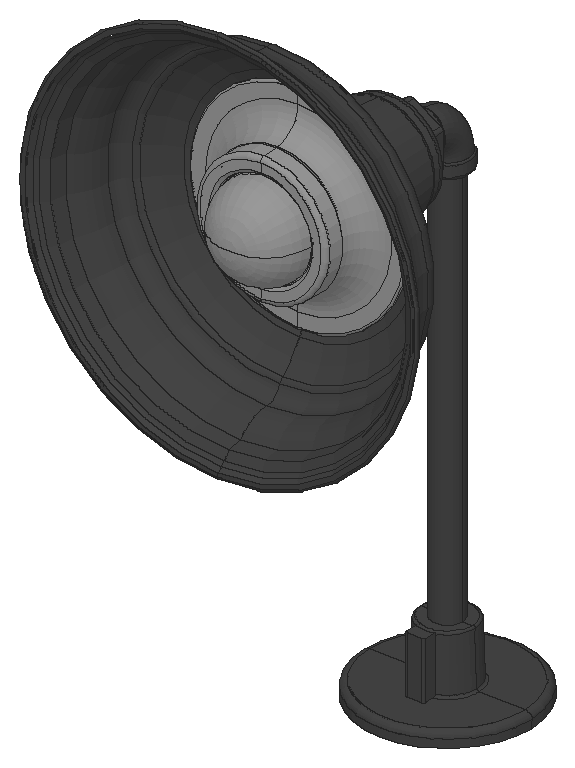
Revit family "BLE-G-WHB-G3-LED", category Lighting Fixtures, host Face, Revit 2022 (continued)
Definition of nested family "WHB Shade"
  Definition of nested family "SHD-0022"
    Automatic sketch dimensions
      Revolve 2 sketch curve to plane 24 = 0' - 0"
      Revolve 2 sketch curve to plane 17 = 0' - 0"  (x2)
      Revolve 2 sketch curve to plane 18 = 0' - 0"
      Revolve 2 sketch curve to plane 43 = 0' - 0"
      Revolve 2 sketch curve to plane 15 = 0' - 0"
      Revolve 2 sketch curve to plane 11 = 0' - 0"
      Revolve 2 sketch curve to plane 12 = 0' - 0"
      Revolve 2 sketch curve to level = 0' - 0"
      Revolve 2 sketch curve to plane 46 = 0' - 0"
      plane 47 to Revolve 2 sketch curve = 0' - 0.0179"
      plane 40 to Revolve 2 sketch curve = 0' - 0.02959"
      Revolve 2 sketch curve to plane 38 = 0' - 0.10628"
      Revolve 2 sketch curve to plane 36 = 0' - 0.02996"
      plane 36 to Revolve 2 sketch curve = 0' - 0.01329"
      Revolve 2 sketch curve to plane 35 = 0' - 0.01376"
      Revolve 2 sketch curve to Revolve 2 sketch curve = 0' - 0.03566"
      Revolve 2 sketch curve to Revolve 2 sketch curve = 0' - 1.02937"
      plane 34 to Revolve 2 sketch curve = 0' - 0.03194"
      plane 24 to Revolve 2 sketch curve = 0' - 0.02435"
      plane 21 to Revolve 2 sketch curve = 0' - 0.01402"
      Revolve 2 sketch curve to plane 22 = 0' - 0.01758"
      plane 22 to Revolve 2 sketch curve = 0' - 0.00677"
      plane 19 to Revolve 2 sketch curve = 0' - 0.01379"
      plane 25 to Revolve 2 sketch curve = 0' - 0.01516"
      Revolve 2 sketch curve to plane 16 = 0' - 0.00281"
      plane 14 to Revolve 2 sketch curve = 0' - 0.00034"
      plane 13 to Revolve 2 sketch curve = 0' - 0.00088"
      Revolve 2 sketch curve to Revolve 2 sketch curve = 0' - 0.03885"
      Revolve 2 sketch curve to plane 9 = 0' - 0.02661"
      plane 11 to Revolve 2 sketch curve = 0' - 0.00408"
      Revolve 2 sketch curve to plane 9 = 0' - 0.02415"
      plane 7 to Revolve 2 sketch curve = 0' - 0.00188"
      Revolve 2 sketch curve to plane 6 = 0' - 0.00219"
      Revolve 2 sketch curve to plane 6 = 0' - 0.00024"
      Revolve 2 sketch curve to plane 8 = 0' - 0.00431"
      plane 6 to Revolve 2 sketch curve = 0' - 0.01338"
      plane 5 to Revolve 2 sketch curve = 0' - 0.00799"
      plane 6 to Revolve 2 sketch curve = 0' - 0.03826"
      plane 4 to Revolve 2 sketch curve = 0' - 0.00196"
      level to Revolve 2 sketch curve = 0' - 0 5/128"
      plane 11 to Revolve 2 sketch curve = 0' - 0.0107"
      Revolve 2 sketch curve to plane 23 = 0' - 0.01444"
      plane 23 to Revolve 2 sketch curve = 0' - 0.03054"
      plane 33 to Revolve 2 sketch curve = 0' - 0.02427"
      Revolve 2 sketch curve to plane 35 = 0' - 0.16955"
      plane 39 to Revolve 2 sketch curve = 0' - 0.0255"
      Revolve 2 sketch curve to plane 46 = 0' - 0 5/128"
      plane 41 to Revolve 2 sketch curve = 0' - 0.11598"
      plane 11 to Revolve 2 sketch curve = 0' - 0.32444"
      plane 13 to Revolve 2 sketch curve = 0' - 0.162"
  Definition of nested family "SHD-0021"
    Parameters (values of type "SHD-0021")
      Shade Material = none
      Default Elevation = 2' - 0"
    Reference planes (in)
      plane 1 "Center (Front/Back)": y = 0
      plane 2: z = 0
      plane 3 "Center (Left/Right)": x = 0
      plane 4: x = -1.27876
      plane 5: z = 0.137
      plane 6: x = -1.44076
      plane 7: x = -1.46776
      plane 8: z = 0.294
      plane 9: x = -1.48176
      plane 10: z = 0.311
      plane 11: z = 0.395
      plane 12: x = -1.54476
      plane 13: z = 2.088
      plane 14: x = -1.72276
      plane 15: z = 2.5
      plane 16: x = -2.18076
      plane 17: z = 2.608
      plane 18: x = -2.43176
      plane 19: x = -2.82376
      plane 20: z = 2.873
      plane 21: z = 2.895
      plane 22: x = -2.87876
      plane 23: z = 2.954
      plane 24: x = -2.95276
      plane 25: z = 3.023
      plane 26: x = -3.10676
      plane 27: z = 4.006
      plane 28: x = -6.02976
      plane 29: z = 4.19
      plane 30: x = -6.22876
      plane 31: z = 4.534
      plane 32: x = -6.40776
      plane 33: z = 5.391
      plane 34: x = -6.78276
      plane 35: z = 7.548
      plane 36: x = -7.74776
      plane 37: z = 7.704
      plane 38: x = -7.94076
      plane 39: z = 7.872
      plane 40: x = -8.19776
      plane 41: z = 8.118
      plane 42: x = -8.33276
      plane 43: x = -2.27776
      plane 44: z = 3.556
      plane 45: x = -5.39176
      plane 46: z = 7.958
      plane 47: x = -8.40976
      plane 48: x = -8.44276
    Forms (in)
      Extrusion 1, solid
        sketch origin (0.09263, 0, 0.02324) x (1, 0, 0) y (0, 1, 0)
          loop
            line (-48, 48) -> (-48, -48) -> (48, -48) -> (48, 48) -> (-48, 48)
        from -0.02324 to -12
      Revolve 2, solid, material <- "Shade Material"
        sketch origin (0, 0, 0) x (1, 0, 0) y (0, 0, 1)
          loop
            line (0, 0) -> (0, 0.03906) -> (-1.2768, 0.03906)
            arc (-1.2768, 0.03906) -> (-1.35899, 0.06907) -> (-1.4025, 0.14499) r 0.12754
            line (-1.4025, 0.14499) -> (-1.42739, 0.28969)
            arc (-1.42739, 0.28969) -> (-1.44233, 0.32466) -> (-1.47142, 0.34916) r 0.08217
            arc (-1.47142, 0.34916) -> (-1.49504, 0.36972) -> (-1.50591, 0.39908) r 0.06331
            line (-1.50591, 0.39908) -> (-1.68358, 2.08888)
            arc (-1.68358, 2.08888) -> (-1.84717, 2.40993) -> (-2.18358, 2.53906) r 0.50276
            line (-2.18358, 2.53906) -> (-2.27776, 2.53906)
            arc (-2.27776, 2.53906) -> (-2.34938, 2.56167) -> (-2.39504, 2.62131) r 0.12473
            arc (-2.39504, 2.62131) -> (-2.55131, 2.82856) -> (-2.79707, 2.91211) r 0.44133
            arc (-2.79707, 2.91211) -> (-2.83676, 2.91975) -> (-2.87199, 2.93956) r 0.1261
            line (-2.87199, 2.93956) -> (-2.92841, 2.98454)
            arc (-2.92841, 2.98454) -> (-3.00942, 3.0339) -> (-3.10018, 3.0615) r 0.37764
            arc (-3.10018, 3.0615) -> (-3.82518, 3.20008) -> (-4.54423, 3.36682) r 18.935
            arc (-4.54423, 3.36682) -> (-4.89816, 3.46771) -> (-5.25153, 3.57053) r 67.20826
            arc (-5.25153, 3.57053) -> (-5.42028, 3.70111) -> (-5.56302, 3.8597) r 1.19083
            arc (-5.56302, 3.8597) -> (-5.65452, 3.96172) -> (-5.76247, 4.04615) r 0.77987
            arc (-5.76247, 4.04615) -> (-5.88906, 4.18342) -> (-5.93432, 4.36459) r 0.37728
            arc (-5.93432, 4.36459) -> (-6.03243, 4.84456) -> (-6.31527, 5.24456) r 1.19223
            line (-6.31527, 5.24456) -> (-6.9641, 6.69444)
            arc (-6.9641, 6.69444) -> (-7.02564, 6.76847) -> (-7.10117, 6.82816) r 0.46277
            line (-7.10117, 6.82816) -> (-7.33587, 7.04516) -> (-7.45485, 7.04516)
            arc (-7.45485, 7.04516) -> (-7.50126, 6.99876) -> (-7.45485, 6.95235) r 0.0464
            line (-7.45485, 6.95235) -> (-7.29303, 6.95235) -> (-7.12501, 6.79701)
            arc (-7.12501, 6.79701) -> (-7.05533, 6.74284) -> (-6.99838, 6.67541) r 0.42371
            line (-6.99838, 6.67541) -> (-6.34765, 5.22128)
            arc (-6.34765, 5.22128) -> (-6.06985, 4.83266) -> (-5.97338, 4.3648) r 1.15316
            arc (-5.97338, 4.3648) -> (-5.92344, 4.16487) -> (-5.78374, 4.01338) r 0.41634
            arc (-5.78374, 4.01338) -> (-5.6812, 3.93319) -> (-5.59428, 3.83628) r 0.74081
            arc (-5.59428, 3.83628) -> (-5.4448, 3.67058) -> (-5.26784, 3.53461) r 1.2299
            arc (-5.26784, 3.53461) -> (-4.91136, 3.43086) -> (-4.55432, 3.32907) r 67.24732
            arc (-4.55432, 3.32907) -> (-3.83352, 3.16192) -> (-3.10676, 3.023) r 18.97406
            arc (-3.10676, 3.023) -> (-3.0254, 2.99825) -> (-2.95276, 2.954) r 0.33858
            line (-2.95276, 2.954) -> (-2.89634, 2.90902)
            arc (-2.89634, 2.90902) -> (-2.85019, 2.88307) -> (-2.79821, 2.87306) r 0.16516
            arc (-2.79821, 2.87306) -> (-2.57421, 2.79691) -> (-2.43176, 2.608) r 0.40227
            arc (-2.43176, 2.608) -> (-2.37181, 2.52969) -> (-2.27776, 2.5) r 0.1638
            line (-2.27776, 2.5) -> (-2.18358, 2.5)
            arc (-2.18358, 2.5) -> (-1.87331, 2.3809) -> (-1.72243, 2.08479) r 0.46369
            line (-1.72243, 2.08479) -> (-1.54476, 0.395)
            arc (-1.54476, 0.395) -> (-1.52718, 0.34751) -> (-1.48898, 0.31427) r 0.10237
            arc (-1.48898, 0.31427) -> (-1.47372, 0.30141) -> (-1.46588, 0.28307) r 0.04311
            line (-1.46588, 0.28307) -> (-1.441, 0.13837)
            arc (-1.441, 0.13837) -> (-1.38416, 0.0392) -> (-1.2768, 0) r 0.1666
            line (-1.2768, 0) -> (0, 0)
          axis (0, 7.04516) -> (0, 0)
        angle from 0 to 360
    Dimensions and locks (in)
      locked: plane 5 to Extrusion 1 at 0.137
      locked: plane 8 to plane 5 at 0.157
      locked: plane 10 to plane 8 at 0.017
      locked: plane 11 to plane 10 at 0.084
      locked: plane 13 to plane 11 at 1.693
      locked: plane 15 to plane 13 at 0.412
      locked: plane 17 to plane 15 at 0.108
      locked: plane 20 to plane 17 at 0.265
      locked: plane 21 to plane 20 at 0.022
      locked: plane 23 to plane 21 at 0.059
      locked: plane 25 to plane 23 at 0.069
      locked: plane 29 to plane 27 at 0.184
      locked: plane 31 to plane 29 at 0.344
      locked: plane 33 to plane 31 at 0.857
      locked: plane 35 to plane 33 at 2.157
      locked: plane 37 to plane 35 at 0.156
      locked: plane 39 to plane 37 at 0.168
      locked: plane 41 to plane 39 at 0.246
      locked: plane 16 to plane 43 at 0.097
      locked: plane 44 to plane 25 at 0.533
      locked: plane 27 to plane 44 at 0.45
      locked: plane 41 to plane 46 at 0.16
      locked: plane 3 "Center (Left/Right)" to plane 4 at 1.27876
      locked: plane 4 to plane 6 at 0.162
      locked: plane 6 to plane 9 at 0.041
      locked: plane 9 to plane 12 at 0.063
      locked: plane 12 to plane 14 at 0.178
      locked: plane 14 to plane 16 at 0.458
      locked: plane 43 to plane 18 at 0.154
      locked: plane 18 to plane 19 at 0.392
      locked: plane 19 to plane 22 at 0.055
      locked: plane 22 to plane 24 at 0.074
      locked: plane 24 to plane 26 at 0.154
      plane 3 "Center (Left/Right)" to plane 45 = 0' - 5.39176"
      locked: plane 36 to plane 38 at 0.193
      locked: plane 38 to plane 40 at 0.257
      locked: plane 40 to plane 42 at 0.135
      locked: plane 42 to plane 47 at 0.077
      locked: plane 47 to plane 48 at 0.033
      aligned and locked: plane 2 to Extrusion 1
      aligned and locked: level to Extrusion 1
      aligned and locked: Revolve 2 sketch curve to plane 3 "Center (Left/Right)"  (x2)
    Automatic sketch dimensions
      Extrusion 1 sketch curve to Extrusion 1 sketch curve = 8' - 0"  (x2)
      Revolve 2 sketch curve to Revolve 2 sketch curve = 0' - 0"  (x35)
      Revolve 2 sketch curve to plane 25 = 0' - 0"  (x2)
      Revolve 2 sketch curve to plane 26 = 0' - 0"
      Revolve 2 sketch curve to plane 23 = 0' - 0"
      Revolve 2 sketch curve to plane 24 = 0' - 0"
      Revolve 2 sketch curve to plane 17 = 0' - 0"  (x2)
      Revolve 2 sketch curve to plane 18 = 0' - 0"
      Revolve 2 sketch curve to plane 15 = 0' - 0"
      Revolve 2 sketch curve to plane 43 = 0' - 0"
      Revolve 2 sketch curve to plane 11 = 0' - 0"
      Revolve 2 sketch curve to plane 12 = 0' - 0"
      Revolve 2 sketch curve to level = 0' - 0"
      Revolve 2 sketch curve to Revolve 2 sketch curve = 0' - 0.21107"
      plane 31 to Revolve 2 sketch curve = 0' - 0.03985"
      plane 45 to Revolve 2 sketch curve = 0' - 0.78168"
      Revolve 2 sketch curve to plane 45 = 0' - 0.16528"
      plane 30 to Revolve 2 sketch curve = 0' - 0.04167"
      Revolve 2 sketch curve to plane 30 = 0' - 0.08651"
      Revolve 2 sketch curve to Revolve 2 sketch curve = 0' - 0.03238"
      Revolve 2 sketch curve to plane 34 = 0' - 0.18134"
      Revolve 2 sketch curve to Revolve 2 sketch curve = 0' - 0.03428"
      Revolve 2 sketch curve to Revolve 2 sketch curve = 0' - 0.10279"
      Revolve 2 sketch curve to Revolve 2 sketch curve = 0' - 0.02385"
      Revolve 2 sketch curve to plane 31 = 0' - 0.1631"
      Revolve 2 sketch curve to plane 34 = 0' - 0 11/32"
      Revolve 2 sketch curve to Revolve 2 sketch curve = 0' - 0.19186"
      plane 36 to Revolve 2 sketch curve = 0' - 0.39897"
      Revolve 2 sketch curve to Revolve 2 sketch curve = 0' - 0.16182"
      plane 24 to Revolve 2 sketch curve = 0' - 0.02435"
      plane 21 to Revolve 2 sketch curve = 0' - 0.01402"
      Revolve 2 sketch curve to plane 22 = 0' - 0.01758"
      plane 22 to Revolve 2 sketch curve = 0' - 0.00677"
      plane 19 to Revolve 2 sketch curve = 0' - 0.01379"
      plane 25 to Revolve 2 sketch curve = 0' - 0.01516"
      Revolve 2 sketch curve to plane 16 = 0' - 0.00281"
      plane 14 to Revolve 2 sketch curve = 0' - 0.00034"
      plane 13 to Revolve 2 sketch curve = 0' - 0.00088"
      Revolve 2 sketch curve to Revolve 2 sketch curve = 0' - 0.03885"
      Revolve 2 sketch curve to plane 9 = 0' - 0.02661"
      plane 11 to Revolve 2 sketch curve = 0' - 0.00408"
      Revolve 2 sketch curve to plane 9 = 0' - 0.02415"
      plane 7 to Revolve 2 sketch curve = 0' - 0.00188"
      Revolve 2 sketch curve to plane 6 = 0' - 0.00219"
      Revolve 2 sketch curve to plane 6 = 0' - 0.00024"
      Revolve 2 sketch curve to plane 8 = 0' - 0.00431"
      plane 6 to Revolve 2 sketch curve = 0' - 0.01338"
      plane 5 to Revolve 2 sketch curve = 0' - 0.00799"
      plane 6 to Revolve 2 sketch curve = 0' - 0.03826"
      plane 4 to Revolve 2 sketch curve = 0' - 0.00196"
      plane 3 "Center (Left/Right)" to Revolve 2 sketch curve = 0' - 0.09162"
      plane 3 "Center (Left/Right)" to Revolve 2 sketch curve = 1' - 1.70309"
      level to Revolve 2 sketch curve = 0' - 0 5/128"
      plane 11 to Revolve 2 sketch curve = 0' - 0.0107"
      Revolve 2 sketch curve to plane 23 = 0' - 0.01444"
      plane 23 to Revolve 2 sketch curve = 0' - 0.03054"
      Revolve 2 sketch curve to plane 44 = 0' - 0.16398"
      Revolve 2 sketch curve to plane 31 = 0' - 0.1714"
      Revolve 2 sketch curve to plane 33 = 0' - 0.16972"
      Revolve 2 sketch curve to Revolve 2 sketch curve = 0' - 0.02328"
      plane 33 to Revolve 2 sketch curve = 0' - 1.04622"
      Revolve 2 sketch curve to Revolve 2 sketch curve = 0' - 0.23818"
      Revolve 2 sketch curve to Revolve 2 sketch curve = 0' - 0.01904"
      Revolve 2 sketch curve to Revolve 2 sketch curve = 0' - 0.12419"
      Revolve 2 sketch curve to Revolve 2 sketch curve = 0' - 0.0464"
      Revolve 2 sketch curve to Revolve 2 sketch curve = 3' - 10.325"
      Revolve 2 sketch curve to plane 44 = 0' - 0.18918"
      plane 45 to Revolve 2 sketch curve = 0' - 0.84753"
      Revolve 2 sketch curve to Revolve 2 sketch curve = 0' - 0.01009"
      plane 44 to Revolve 2 sketch curve = 0' - 0.01453"
      Revolve 2 sketch curve to plane 44 = 0' - 0.02139"
      Revolve 2 sketch curve to Revolve 2 sketch curve = 0' - 0.04284"
      plane 11 to Revolve 2 sketch curve = 0' - 0.32444"
      plane 13 to Revolve 2 sketch curve = 0' - 0.162"
Definition of nested family "ACR-0306"
  Parameters (values of type "Flat")
    Flat = yes
    Dome = no
    Default Elevation = 2' - 0"
  Types (3): name | Flat | Dome
    (no name) | yes | no
    Dome | no | yes
    Flat | yes | no
  Reference planes (in)
    plane 1 "Center (Front/Back)": y = 0
    plane 2: z = 0
    plane 3 "Center (Left/Right)": x = 0
  Forms (in)
    Extrusion 1, solid
      sketch origin (0, 0, 0) x (1, 0, 0) y (0, 1, 0)
        loop
          line (-48, 48) -> (-48, -48) -> (48, -48) -> (48, 48) -> (-48, 48)
      from 0 to -12
  Dimensions and locks (in)
    aligned and locked: plane 2 to Extrusion 1
    aligned and locked: level to Extrusion 1
    aligned and locked: plane 3 "Center (Left/Right)" to nested 1
    aligned and locked: plane 1 "Center (Front/Back)" to nested 1
    aligned and locked: plane 1 "Center (Front/Back)" to nested 2
    aligned and locked: plane 3 "Center (Left/Right)" to nested 2
  Nested families (in)
    nested 1: "ACR-0306-FL" at (0, 0, 0), visible <- "Flat", type "ACR-0306-FL"
    nested 2: "ACR-0306-DL" at (0, 0, 0), visible <- "Dome", type "ACR-0306-DL"
  Definition of nested family "ACR-0306-FL"
    Parameters (values of type "ACR-0306-FL")
      Default Elevation = 2' - 0"
    Reference planes (in)
      plane 1 "Center (Front/Back)": y = 0
      plane 2: z = 0
      plane 3 "Center (Left/Right)": x = 0
    Forms (in)
      Extrusion 1, solid
        sketch origin (0, 0, 0) x (1, 0, 0) y (0, 1, 0)
          loop
            line (-48, 48) -> (-48, -48) -> (48, -48) -> (48, 48) -> (-48, 48)
        from 0 to -12
      Revolve 2, solid
        sketch origin (0, 0, 0) x (1, 0, 0) y (0, 0, 1)
          loop
            line (0, 0) -> (0, 0.0811) -> (-1.55567, 0.0811)
            arc (-1.55567, 0.0811) -> (-1.56963, 0.07532) -> (-1.57541, 0.06137) r 0.01973
            line (-1.57541, 0.06137) -> (-1.57541, 0) -> (0, 0)
          axis (0, 0.0811) -> (0, 0)
        angle from 0 to 360
    Dimensions and locks (in)
      aligned and locked: plane 2 to Extrusion 1
      aligned and locked: level to Extrusion 1
      aligned and locked: Revolve 2 sketch curve to plane 3 "Center (Left/Right)"
    Automatic sketch dimensions
      Extrusion 1 sketch curve to Extrusion 1 sketch curve = 8' - 0"  (x2)
      Revolve 2 sketch curve to plane 3 "Center (Left/Right)" = 0' - 0"
      Revolve 2 sketch curve to level = 0' - 0"
      level to Revolve 2 sketch curve = 0' - 0.06137"
      Revolve 2 sketch curve to plane 3 "Center (Left/Right)" = 0' - 1.55567"
      Revolve 2 sketch curve to Revolve 2 sketch curve = 0' - 0.01973"
      Revolve 2 sketch curve to Revolve 2 sketch curve = 0' - 0.42716"
      Revolve 2 sketch curve to Revolve 2 sketch curve = 0' - 1.63223"
  Definition of nested family "ACR-0306-DL"
    Parameters (values of type "ACR-0306-DL")
      Default Elevation = 2' - 0"
    Reference planes (in)
      plane 1 "Center (Front/Back)": y = 0
      plane 2: z = 0
      plane 3 "Center (Left/Right)": x = 0
    Forms (in)
      Extrusion 1, solid
        sketch origin (0, 0, 0) x (1, 0, 0) y (0, 1, 0)
          loop
            line (-48, 48) -> (-48, -48) -> (48, -48) -> (48, 48) -> (-48, 48)
        from 0 to -12
      Revolve 2, solid
        sketch origin (0, 0, 0) x (1, 0, 0) y (0, 0, 1)
          loop
            arc (-1.31383, 0) -> (-1.24748, 0.02724) -> (-1.2194, 0.09324) r 0.09444
            arc (-1.2194, 0.09324) -> (-0.85683, 0.94555) -> (0, 1.29728) r 1.2195
            line (0, 1.29728) -> (0, 1.37984)
            arc (0, 1.37984) -> (-0.90946, 1.00889) -> (-1.30005, 0.1077) r 1.30036
            arc (-1.30005, 0.1077) -> (-1.30822, 0.08886) -> (-1.32723, 0.0811) r 0.02719
            line (-1.32723, 0.0811) -> (-1.55567, 0.0811)
            arc (-1.55567, 0.0811) -> (-1.56963, 0.07532) -> (-1.57541, 0.06137) r 0.01973
            line (-1.57541, 0.06137) -> (-1.57541, 0) -> (-1.31383, 0)
          axis (0, 1.37984) -> (0, 0)
        angle from 0 to 360
    Dimensions and locks (in)
      aligned and locked: plane 2 to Extrusion 1
      aligned and locked: level to Extrusion 1
      aligned and locked: Revolve 2 sketch curve to plane 3 "Center (Left/Right)"
    Automatic sketch dimensions
      Extrusion 1 sketch curve to Extrusion 1 sketch curve = 8' - 0"  (x2)
      Revolve 2 sketch curve to level = 0' - 0"
      Revolve 2 sketch curve to plane 3 "Center (Left/Right)" = 0' - 0"  (x3)
      Revolve 2 sketch curve to plane 3 "Center (Left/Right)" = 0' - 1.31383"
      Revolve 2 sketch curve to Revolve 2 sketch curve = 0' - 0.0134"
      level to Revolve 2 sketch curve = 0' - 0.06137"
      Revolve 2 sketch curve to Revolve 2 sketch curve = 0' - 0.22844"
      Revolve 2 sketch curve to Revolve 2 sketch curve = 0' - 0.01973"
      level to Revolve 2 sketch curve = 0' - 0.07778"
      Revolve 2 sketch curve to Revolve 2 sketch curve = 0' - 0.00169"
      Revolve 2 sketch curve to Revolve 2 sketch curve = 0' - 0.01334"
      Revolve 2 sketch curve to Revolve 2 sketch curve = 0' - 0.01385"
      Revolve 2 sketch curve to Revolve 2 sketch curve = 0' - 1.2178"
      Revolve 2 sketch curve to Revolve 2 sketch curve = 0' - 0.08255"
      Revolve 2 sketch curve to level = 0' - 0.42716"
      Revolve 2 sketch curve to Revolve 2 sketch curve = 0' - 0.3335"
Definition of nested family "RNG-0007"
  Parameters (values of type "RNG-0007")
    Default Elevation = 2' - 0"
  Reference planes (in)
    plane 1 "Center (Front/Back)": y = 0
    plane 2: z = 0
    plane 3 "Center (Left/Right)": x = 0
    plane 4: x = -1.35
  Forms (in)
    Extrusion 1, solid
      sketch origin (0, 0, 0.00163) x (1, 0, 0) y (0, 1, 0)
        loop
          line (-48, 48) -> (-48, -48) -> (48, -48) -> (48, 48) -> (-48, 48)
      from -0.00163 to -12
    Revolve 2, solid
      sketch origin (0, 0, 0) x (1, 0, 0) y (0, 0, 1)
        loop
          line (-1.62365, -0.38995) -> (-1.62365, 0) -> (-1.35, 0) -> (-1.35, 0.0714) -> (-1.42851, 0.14991) -> (-1.67485, 0.14991)
          arc (-1.67485, 0.14991) -> (-1.76216, 0.11443) -> (-1.79998, 0.02812) r 0.12517
          line (-1.79998, 0.02812) -> (-1.81128, -0.38995) -> (-1.62365, -0.38995)
        axis (0, 0.14991) -> (0, -0.38995)
      angle from 0 to 360
  Dimensions and locks (in)
    locked: plane 3 "Center (Left/Right)" to plane 4 at 1.35
    aligned and locked: plane 2 to Extrusion 1
    aligned and locked: level to Extrusion 1
    aligned and locked: Revolve 2 sketch curve to plane 3 "Center (Left/Right)"
  Automatic sketch dimensions
    Extrusion 1 sketch curve to Extrusion 1 sketch curve = 8' - 0"  (x2)
    Revolve 2 sketch curve to level = 0' - 0.38995"
    Revolve 2 sketch curve to plane 4 = 0' - 0"
    Revolve 2 sketch curve to plane 4 = 0' - 0.07851"
    Revolve 2 sketch curve to Revolve 2 sketch curve = 0' - 0.19514"
    Revolve 2 sketch curve to Revolve 2 sketch curve = 0' - 0.0512"
    Revolve 2 sketch curve to Revolve 2 sketch curve = 0' - 0.12513"
    Revolve 2 sketch curve to Revolve 2 sketch curve = 0' - 0.18763"
    Revolve 2 sketch curve to Revolve 2 sketch curve = 0' - 0.38995"
    Revolve 2 sketch curve to Revolve 2 sketch curve = 0' - 0.02473"
    Revolve 2 sketch curve to Revolve 2 sketch curve = 0' - 0.0714"
    Revolve 2 sketch curve to level = 0' - 0.0832"
    level to Revolve 2 sketch curve = 0' - 0.71355"
Definition of nested family "CPL-0004"
  Parameters (values of type "CPL-0004")
    Coupler Material = none
    Default Elevation = 2' - 0"
  Reference planes (in)
    plane 1 "Center (Front/Back)": y = 0
    plane 2: z = 0
    plane 3 "Center (Left/Right)": x = 0
    plane 4 "Wood Height": z = 0
    plane 5: y = 0.875
    plane 6: z = 0.4
  Forms (in)
    Extrusion 1, solid
      sketch origin (0, 0, 0) x (1, 0, 0) y (0, 1, 0)
        loop
          line (-48, 48) -> (-48, -48) -> (48, -48) -> (48, 48) -> (-48, 48)
      from 0 to -12
    Extrusion 2, solid, material <- "Coupler Material"
      sketch origin (0, 0, 0) x (1, 0, 0) y (0, 1, 0)
        loop
          line (-0.54127, 0.8125) -> (-0.97428, 0.0625)
          arc (-0.97428, 0.0625) -> (-0.99103, 0) -> (-0.97428, -0.0625) r 0.125
          line (-0.97428, -0.0625) -> (-0.54127, -0.8125)
          arc (-0.54127, -0.8125) -> (-0.49551, -0.85825) -> (-0.43301, -0.875) r 0.125
          line (-0.43301, -0.875) -> (0.43301, -0.875)
          arc (0.43301, -0.875) -> (0.49551, -0.85825) -> (0.54127, -0.8125) r 0.125
          line (0.54127, -0.8125) -> (0.97428, -0.0625)
          arc (0.97428, -0.0625) -> (0.99103, 0) -> (0.97428, 0.0625) r 0.125
          line (0.97428, 0.0625) -> (0.54127, 0.8125)
          arc (0.54127, 0.8125) -> (0.49551, 0.85825) -> (0.43301, 0.875) r 0.125
          line (0.43301, 0.875) -> (-0.43301, 0.875)
          arc (-0.43301, 0.875) -> (-0.49551, 0.85825) -> (-0.54127, 0.8125) r 0.125
      from 0 to 0.4
    Revolve 3, solid, material <- "Coupler Material"
      sketch origin (0, 0, 0) x (1, 0, 0) y (0, 0, 1)
        loop
          line (0, 0.65018) -> (-1.00921, 0.65018) -> (-1.03665, 0.61971) -> (-1.02973, 0.43008)
          arc (-1.02973, 0.43008) -> (-1.02417, 0.41239) -> (-1.01036, 0.4) r 0.03506
          line (-1.01036, 0.4) -> (0, 0.4) -> (0, 0.65018)
        axis (0, 0.65018) -> (0, 0.4)
      angle from 0 to 360
  Dimensions and locks (in)
    locked: plane 5 to plane 1 "Center (Front/Back)" at 0.875
    locked: plane 6 to Extrusion 1 at 0.4
    aligned and locked: plane 2 to Extrusion 1
    aligned and locked: level to Extrusion 1
    aligned and locked: Extrusion 1 to plane 4 "Wood Height"
    aligned and locked: Revolve 3 sketch curve to plane 3 "Center (Left/Right)"
  Automatic sketch dimensions
    Extrusion 1 sketch curve to Extrusion 1 sketch curve = 8' - 0"  (x2)
    Revolve 3 sketch curve to plane 6 = 0' - 0"
    Revolve 3 sketch curve to plane 3 "Center (Left/Right)" = 0' - 0"
    plane 6 to Revolve 3 sketch curve = 0' - 0.03136"
    Revolve 3 sketch curve to plane 3 "Center (Left/Right)" = 0' - 0.99469"
    plane 6 to Revolve 3 sketch curve = 0' - 0.25018"
    Revolve 3 sketch curve to Revolve 3 sketch curve = 0' - 0.01453"
    Revolve 3 sketch curve to Revolve 3 sketch curve = 0' - 0.01568"
    plane 6 to Revolve 3 sketch curve = 0' - 0.03008"
    plane 6 to Revolve 3 sketch curve = 0' - 0.21971"
    Revolve 3 sketch curve to Revolve 3 sketch curve = 0' - 0.02744"
    Revolve 3 sketch curve to level = 0' - 0.16839"
    Revolve 3 sketch curve to Revolve 3 sketch curve = 0' - 0.1618"
    plane 1 "Center (Front/Back)" to Extrusion 2 sketch curve = 0' - 0"  (x2)
    Extrusion 2 sketch curve to plane 5 = 0' - 0"
    Extrusion 2 sketch curve to plane 1 "Center (Front/Back)" = 0' - 0 1/16"  (x2)
    plane 1 "Center (Front/Back)" to Extrusion 2 sketch curve = 0' - 0 1/16"  (x2)
    Extrusion 2 sketch curve to Extrusion 2 sketch curve = 0' - 0.10825"  (x4)
    Extrusion 2 sketch curve to plane 3 "Center (Left/Right)" = 0' - 0.54127"
    Extrusion 2 sketch curve to plane 5 = 0' - 0 1/16"  (x2)
    plane 3 "Center (Left/Right)" to Extrusion 2 sketch curve = 0' - 0.43301"  (x2)
Definition of nested family "103805"
  Parameters (values of type "103805")
    Heat Sink 6" = yes
    Default Elevation = 2' - 0"
  Reference planes (in)
    plane 1 "Center (Front/Back)": y = 0
    plane 2: z = 0
    plane 3 "Center (Left/Right)": x = 0
  Forms (in)
    Extrusion 1, solid
      sketch origin (0, 0, 0) x (1, 0, 0) y (0, 1, 0)
        loop
          line (-48, 48) -> (-48, -48) -> (48, -48) -> (48, 48) -> (-48, 48)
      from 0 to -12
    Revolve 2, solid, visible <- "Heat Sink 6""
      sketch origin (0, 0, 0) x (1, 0, 0) y (0, 0, 1)
        loop
          line (0, 0) -> (0, 0.62434) -> (-1.30334, 0.62434)
          arc (-1.30334, 0.62434) -> (-1.32437, 0.63289) -> (-1.33347, 0.65368) r 0.03013
          line (-1.33347, 0.65368) -> (-1.34912, 1.25004) -> (-1.62392, 1.25004) -> (-1.62392, 0.90054) -> (-1.81218, 0.90054)
          arc (-1.81218, 0.90054) -> (-2.04769, 0.40262) -> (-2.55995, 0.20019) r 0.74937
          line (-2.55995, 0.20019) -> (-2.95038, 0.20019)
          arc (-2.95038, 0.20019) -> (-2.98337, 0.18703) -> (-2.99824, 0.15477) r 0.04793
          line (-2.99824, 0.15477) -> (-2.99996, 0.12184) -> (-2.88993, 0.01181)
          arc (-2.88993, 0.01181) -> (-2.87685, 0.00307) -> (-2.86143, 0) r 0.04031
          line (-2.86143, 0) -> (0, 0)
        axis (0, 1.25004) -> (0, 0)
      angle from 0 to 360
  Dimensions and locks (in)
    aligned and locked: plane 2 to Extrusion 1
    aligned and locked: level to Extrusion 1
    aligned and locked: Revolve 2 sketch curve to plane 3 "Center (Left/Right)"
  Automatic sketch dimensions
    Extrusion 1 sketch curve to Extrusion 1 sketch curve = 8' - 0"  (x2)
    Revolve 2 sketch curve to level = 0' - 0"
    Revolve 2 sketch curve to plane 3 "Center (Left/Right)" = 0' - 0"
    level to Revolve 2 sketch curve = 0' - 0.62434"
    Revolve 2 sketch curve to plane 3 "Center (Left/Right)" = 0' - 1.30334"
    Revolve 2 sketch curve to Revolve 2 sketch curve = 0' - 0.03012"
    Revolve 2 sketch curve to Revolve 2 sketch curve = 0' - 0.29046"
    Revolve 2 sketch curve to Revolve 2 sketch curve = 0' - 0.18826"
    level to Revolve 2 sketch curve = 0' - 0.20019"
    Revolve 2 sketch curve to Revolve 2 sketch curve = 0' - 0.74777"
    Revolve 2 sketch curve to Revolve 2 sketch curve = 0' - 0.30148"
    level to Revolve 2 sketch curve = 0' - 0.01181"
    Revolve 2 sketch curve to Revolve 2 sketch curve = 0' - 0.0285"
    Revolve 2 sketch curve to Revolve 2 sketch curve = 0' - 0.08895"
    level to Revolve 2 sketch curve = 0' - 0.15477"
    Revolve 2 sketch curve to Revolve 2 sketch curve = 0' - 0.04786"
    Revolve 2 sketch curve to Revolve 2 sketch curve = 0' - 0.24686"
    Revolve 2 sketch curve to Revolve 2 sketch curve = 0' - 0.3495"
    Revolve 2 sketch curve to Revolve 2 sketch curve = 0' - 0.27481"
    Revolve 2 sketch curve to level = 0' - 1.22145"
    Revolve 2 sketch curve to Revolve 2 sketch curve = 0' - 1.65421"
Definition of nested family "103264"
  Parameters (values of type "103264")
    Heat Sink 9" = yes
    Default Elevation = 2' - 0"
  Reference planes (in)
    plane 1 "Center (Front/Back)": y = 0
    plane 2: z = 0
    plane 3 "Center (Left/Right)": x = 0
  Forms (in)
    Extrusion 1, solid
      sketch origin (0, 0, 0) x (1, 0, 0) y (0, 1, 0)
        loop
          line (-48, 48) -> (-48, -48) -> (48, -48) -> (48, 48) -> (-48, 48)
      from 0 to -12
    Revolve 2, solid, visible <- "Heat Sink 9""
      sketch origin (0, 0, 0) x (1, 0, 0) y (0, 0, 1)
        loop
          line (0, 0) -> (0, 0.62434) -> (-1.30334, 0.62434)
          arc (-1.30334, 0.62434) -> (-1.32437, 0.63289) -> (-1.33347, 0.65368) r 0.03013
          line (-1.33347, 0.65368) -> (-1.34912, 1.25004) -> (-1.62392, 1.25004) -> (-1.62392, 0.90054) -> (-1.81218, 0.90054)
          arc (-1.81218, 0.90054) -> (-2.04769, 0.40262) -> (-2.55995, 0.20019) r 0.74937
          line (-2.55995, 0.20019) -> (-4.45232, 0.20019)
          arc (-4.45232, 0.20019) -> (-4.48531, 0.18703) -> (-4.50018, 0.15477) r 0.04793
          line (-4.50018, 0.15477) -> (-4.50191, 0.12184) -> (-4.39187, 0.01181)
          arc (-4.39187, 0.01181) -> (-4.3788, 0.00307) -> (-4.36337, 0) r 0.04031
          line (-4.36337, 0) -> (0, 0)
        axis (0, 1.25004) -> (0, 0)
      angle from 0 to 360
  Dimensions and locks (in)
    aligned and locked: plane 2 to Extrusion 1
    aligned and locked: level to Extrusion 1
    aligned and locked: Revolve 2 sketch curve to plane 3 "Center (Left/Right)"
  Automatic sketch dimensions
    Extrusion 1 sketch curve to Extrusion 1 sketch curve = 8' - 0"  (x2)
    Revolve 2 sketch curve to level = 0' - 0"
    Revolve 2 sketch curve to plane 3 "Center (Left/Right)" = 0' - 0"
    level to Revolve 2 sketch curve = 0' - 0.62434"
    Revolve 2 sketch curve to plane 3 "Center (Left/Right)" = 0' - 1.30334"
    Revolve 2 sketch curve to Revolve 2 sketch curve = 0' - 0.03012"
    Revolve 2 sketch curve to Revolve 2 sketch curve = 0' - 0.29046"
    Revolve 2 sketch curve to Revolve 2 sketch curve = 0' - 0.18826"
    level to Revolve 2 sketch curve = 0' - 0.20019"
    Revolve 2 sketch curve to Revolve 2 sketch curve = 0' - 0.74777"
    Revolve 2 sketch curve to Revolve 2 sketch curve = 0' - 1.80342"
    level to Revolve 2 sketch curve = 0' - 0.01181"
    Revolve 2 sketch curve to Revolve 2 sketch curve = 0' - 0.0285"
    Revolve 2 sketch curve to Revolve 2 sketch curve = 0' - 0.08895"
    level to Revolve 2 sketch curve = 0' - 0.15477"
    Revolve 2 sketch curve to Revolve 2 sketch curve = 0' - 0.04786"
    Revolve 2 sketch curve to Revolve 2 sketch curve = 0' - 0.24686"
    Revolve 2 sketch curve to Revolve 2 sketch curve = 0' - 0.3495"
    Revolve 2 sketch curve to Revolve 2 sketch curve = 0' - 0.27481"
    Revolve 2 sketch curve to level = 0' - 1.22145"
    Revolve 2 sketch curve to Revolve 2 sketch curve = 0' - 1.65421"
Types (9): name | Heat Sink 9" | Heat Sink 6" | Heat Sink | Flat | Dome | 17" | 15" | 13" | 11"
  (no name) | no | yes | 0' - 4 243/256" | no | yes | no | no | no | yes
  11" Dome | no | yes | 0' - 4 243/256" | no | yes | no | no | no | yes
  13" Dome | yes | no | 0' - 5 45/128" | no | yes | no | no | yes | no
  15" Dome | yes | no | 0' - 5 1/4" | no | yes | no | yes | no | no
  17" Dome | yes | no | 0' - 5 1/4" | no | yes | yes | no | no | no
  11" Flat | no | yes | 0' - 4 243/256" | yes | no | no | no | no | yes
  13" Flat | yes | no | 0' - 5 45/128" | yes | no | no | no | yes | no
  15" Flat | yes | no | 0' - 5 1/4" | yes | no | no | yes | no | no
  17" Flat | yes | no | 0' - 5 1/4" | yes | no | yes | no | no | no
